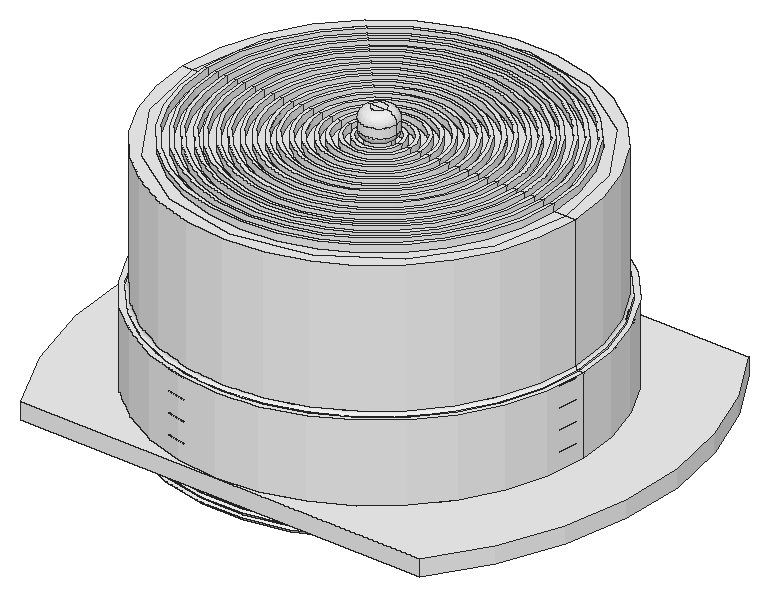
Revit family "50682_BEGA_Revit", category Lighting Fixtures, host Ceiling, Revit 2017
Family settings
  Host = Ceiling
  Round Connector Dimension = Use Diameter
  Part Type = Normal
  OmniClass Number = 23.80.70.11
  OmniClass Title = Luminaries for Internal Lighting
  Always vertical = Yes
  Cut with Voids When Loaded = No
  Light Source = Yes
  Shared = No
  Room Calculation Point = No
Parameters (values of type "STUDIO LINE - Recessed ceiling lumianires")
  Wattage = 8.33435 W
  built-in parameter 1150110 = 1 (stored number, unit not read)
  built-in parameter 1114217 = 1 (stored number, unit not read)
  Tilt Angle = 90.00°
  built-in parameter 1150109 = 1 (stored number, unit not read)
  built-in parameter 1150134 = 12
  built-in parameter 1150113 = 1 (stored number, unit not read)
  Photometric Web File = "50685.2K4_BEGA_IES.ies"
  Model = "50 685"
  Manufacturer = "BEGA North America"
  Lumens = 1238 lm
  built-in parameter 1150115 = 1 (stored number, unit not read)
  built-in parameter 1150105 = 98.517 (stored number, unit not read)
  built-in parameter 1150137 = (empty or 0)
  built-in parameter 1150139 = (empty or 0)
  built-in parameter 1150112 = 1 (stored number, unit not read)
  built-in parameter 1150114 = 1 (stored number, unit not read)
  built-in parameter 1150132 = 2
  built-in parameter 1150102 = (empty or 0)
  built-in parameter 1150138 = (empty or 0)
  built-in parameter 1150107 = 4000 (stored number, unit not read)
  built-in parameter 1150106 = 0.98517 (stored number, unit not read)
  built-in parameter 1150104 = 13.8 (stored number, unit not read)
  Dimming Lamp Color Temperature Shift = <None>
  Description = "STUDIO LINE - Recessed ceiling lumianires"
  Color Filter = 16777215
  built-in parameter 1114218 = 1 (stored number, unit not read)
  built-in parameter 1150133 = 10 (stored number, unit not read)
Types (3): name | Wattage | Photometric Web File | Lumens | built-in parameter 1150105 | built-in parameter 1150106 | Description
  (no name) | 8.33435 W | "50685.2K4_BEGA_IES.ies" | 1238 lm | 98.517 (stored number, unit not read) | 0.98517 (stored number, unit not read) | "STUDIO LINE - Recessed ceiling lumianires"
  Semi-Recessed ceiling luminaire | 23.2662 W | 0' - 0" | 3456 lm | 275.02 (stored number, unit not read) | 2.7502 (stored number, unit not read) | "Semi-Recessed ceiling luminaire"
  STUDIO LINE - Recessed ceiling lumianires | 8.33435 W | "50685.2K4_BEGA_IES.ies" | 1238 lm | 98.517 (stored number, unit not read) | 0.98517 (stored number, unit not read) | "STUDIO LINE - Recessed ceiling lumianires"
Reference planes (in)
  plane 1 "Light Source Axis (F/B)": y = 0
  plane 2 "Ceiling": z = 96
  plane 3 "Light Source Axis (L/R)": x = 0
  plane 4 "Light Source Elevation": z = 98.23115
Lines and regions (in)
  Opening 1
    outline origin (0, 0, 96) x (1, 0, 0) y (0, 1, 0)
      loop
        circle (0, 0) r 2.55166
Dimensions and locks (in)
  equal spacing: host sketch curve, plane 3 "Light Source Axis (L/R)", host sketch curve
  equal spacing: host sketch curve, plane 1 "Light Source Axis (F/B)", host sketch curve
  host sketch curve to host sketch curve = 10' - 0"  (x2)
  aligned and locked: plane 3 "Light Source Axis (L/R)" to imposter light
  aligned and locked: plane 1 "Light Source Axis (F/B)" to imposter light
  aligned and locked: plane 4 "Light Source Elevation" to imposter light
Nested families (in)
  nested 1: "50682" at (0, 0, 96), type "50682"
Definition of nested family "50682"
  Reference planes (in)
    plane 1 "Center (Front/Back)": y = 0
    plane 2: z = 0
    plane 3 "Center (Left/Right)": x = 0
  Forms (in)
    Revolve 1, solid
      sketch origin (0, 0, 0.14855) x (1, 0, 0) y (0, 0, 1)
        loop
          line (-2.57162, 3.22945) -> (-2.70298, 3.22945) -> (-2.70298, 1.4312)
          arc (-2.70298, 1.4312) -> (-2.71518, 1.4003) -> (-2.74521, 1.38609) r 0.04521
          line (-2.74521, 1.38609) -> (-2.74521, 1.28562)
          arc (-2.74521, 1.28562) -> (-2.69333, 1.23374) -> (-2.74521, 1.18186) r 0.05188
          line (-2.74521, 1.18186) -> (-2.74521, 1.11505) -> (-2.74521, 1.01458)
          arc (-2.74521, 1.01458) -> (-2.69333, 0.9627) -> (-2.74521, 0.91082) r 0.05188
          line (-2.74521, 0.91082) -> (-2.74521, 0.84401) -> (-2.74521, 0.74354)
          arc (-2.74521, 0.74354) -> (-2.69333, 0.69166) -> (-2.74521, 0.63978) r 0.05188
          line (-2.74521, 0.63978) -> (-2.74521, 0.57297) -> (-2.74521, 0.4725)
          arc (-2.74521, 0.4725) -> (-2.69333, 0.42062) -> (-2.74521, 0.36874) r 0.05188
          line (-2.74521, 0.36874) -> (-2.74521, 0.10592) -> (-2.71022, 0.05595) -> (-2.74521, 0.02096) -> (-2.71355, -0.0107) -> (-2.74521, -0.04237) -> (-2.71534, -0.07224) -> (-2.74521, -0.10211) -> (-2.7, -0.14732) -> (-2.65244, -0.14732) -> (-2.56442, 3.10445) -> (-2.414, 3.10445) -> (-2.414, 3.22945) -> (-2.57162, 3.22945)
        axis (0, -0.14732) -> (0, 3.22945)
      angle from 0 to 360
    Extrusion 2, solid
      sketch origin (0.27935, 0, 0) x (1, 0, 0) y (0, 1, 0)
        loop
          arc (-2.98985, 2.82944) -> (-3.76688, -0.0037) -> (-2.96333, -2.82943) r 5.46027
          line (-2.96333, -2.82943) -> (2.54317, -2.82943)
          arc (2.54317, -2.82943) -> (3.50397, 0) -> (2.54317, 2.82944) r 4.64657
          line (2.54317, 2.82944) -> (-2.98985, 2.82944)
      from 0.25448 to 0.47983
    Revolve 3, solid
      sketch origin (0.00129, 0, 0.12236) x (1, 0, 0) y (0, 0, 1)
        loop
          line (2.74493, 1.40864) -> (2.74493, 1.31194)
          arc (2.74493, 1.31194) -> (2.69258, 1.25958) -> (2.74493, 1.20722) r 0.05236
          line (2.74493, 1.20722) -> (2.74493, 1.04142)
          arc (2.74493, 1.04142) -> (2.69273, 0.98922) -> (2.74493, 0.93701) r 0.0522
          line (2.74493, 0.93701) -> (2.74493, 0.76908)
          arc (2.74493, 0.76908) -> (2.69354, 0.71769) -> (2.74493, 0.66629) r 0.05139
          line (2.74493, 0.66629) -> (2.74493, 0.49749)
          arc (2.74493, 0.49749) -> (2.69366, 0.44621) -> (2.74493, 0.39494) r 0.05128
          line (2.74493, 0.39494) -> (2.74493, 0.35747) -> (2.81791, 0.35747) -> (2.81791, 1.40864) -> (2.74493, 1.40864)
        axis (0, 1.40864) -> (0, 0.35747)
      angle from 0 to 360
    Extrusion 4, void
      sketch origin (0, 0, 0) x (1, 0, 0) y (0, 1, 0)
        loop
          circle (0, 0) r 2.37212
      from 0 to 0.56247
    Revolve 5, solid
      sketch origin (0, 0, 0) x (1, 0, 0) y (0, 0, 1)
        loop
          line (2.40911, 3.253) -> (2.40911, 3.469) -> (2.36088, 3.469) -> (2.36088, 3.371) -> (2.26641, 3.371) -> (2.26641, 3.469) -> (2.2231, 3.469) -> (2.2231, 3.371) -> (2.14175, 3.371) -> (2.14175, 3.469) -> (2.09604, 3.469) -> (2.09604, 3.371) -> (2.00156, 3.371) -> (2.00156, 3.469) -> (1.95826, 3.469) -> (1.95826, 3.371) -> (1.8996, 3.371) -> (1.8996, 3.469) -> (1.85389, 3.469) -> (1.85389, 3.371) -> (1.75941, 3.371) -> (1.75941, 3.469) -> (1.71611, 3.469) -> (1.71611, 3.371) -> (1.63476, 3.371) -> (1.63476, 3.469) -> (1.58905, 3.469) -> (1.58905, 3.371) -> (1.49457, 3.371) -> (1.49457, 3.469) -> (1.45127, 3.469) -> (1.45127, 3.371) -> (1.36991, 3.371) -> (1.36991, 3.469) -> (1.32421, 3.469) -> (1.32421, 3.371) -> (1.22973, 3.371) -> (1.22973, 3.469) -> (1.18643, 3.469) -> (1.18643, 3.371) -> (1.10507, 3.371) -> (1.10507, 3.469) -> (1.05937, 3.469) -> (1.05937, 3.371) -> (0.96489, 3.371) -> (0.96489, 3.469) -> (0.92159, 3.469) -> (0.92159, 3.371) -> (0.84023, 3.371) -> (0.84023, 3.469) -> (0.79453, 3.469) -> (0.79453, 3.371) -> (0.70005, 3.371) -> (0.70005, 3.469) -> (0.65675, 3.469) -> (0.65675, 3.371) -> (0.57539, 3.371) -> (0.57539, 3.469) -> (0.52968, 3.469) -> (0.52968, 3.371) -> (0.43521, 3.371) -> (0.43521, 3.469) -> (0.3919, 3.469) -> (0.3919, 3.371) -> (0.31055, 3.371) -> (0.31055, 3.469) -> (0.26484, 3.469) -> (0.26484, 3.371) -> (0.17036, 3.371) -> (0.17036, 3.47016)
          arc (0.17036, 3.47016) -> (0.21859, 3.50433) -> (0.23708, 3.56047) r 0.09448
          line (0.23708, 3.56047) -> (0.23708, 3.68522)
          arc (0.23708, 3.68522) -> (0.19672, 3.78265) -> (0.0993, 3.823) r 0.13778
          line (0.0993, 3.823) -> (0, 3.823) -> (0, 3.73437)
          arc (0, 3.73437) -> (0.09966, 3.63471) -> (0, 3.53505) r 0.09966
          line (0, 3.53505) -> (0, 3.1905) -> (2.49756, 3.1905) -> (2.59177, 0.00191) -> (2.65272, 0.00191) -> (2.55667, 3.253) -> (2.40911, 3.253)
        axis (0, 3.823) -> (0, 0.00191)
      angle from 0 to 360
    Revolve 6, solid
      sketch origin (0, 0, 0.65397) x (1, 0, 0) y (0, 0, 1)
        loop
          arc (0, 1.57753) -> (0.25145, 1.65902) -> (0.40728, 1.87253) r 0.42864
          arc (0.40728, 1.87253) -> (1.26194, 1.40186) -> (1.96231, 0.72255) r 3.66843
          line (1.96231, 0.72255) -> (2.01355, 0.72255) -> (2.06251, 0.58804) -> (2.09122, 0.59907) -> (2.03682, 0.74381) -> (1.98534, 0.74381)
          arc (1.98534, 0.74381) -> (1.25299, 1.44716) -> (0.35701, 1.92491) r 3.69968
          arc (0.35701, 1.92491) -> (0.22837, 1.71998) -> (0, 1.64003) r 0.36614
          line (0, 1.64003) -> (0, 1.57753)
        axis (0, 1.92491) -> (0, 0.58804)
      angle from 0 to 360
    Revolve 7, solid
      sketch origin (0, 0, 3.522) x (1, 0, 0) y (0, 0, 1)
        loop
          line (2.01353, -2.14544) -> (1.94322, -2.14544) -> (2.433, -3.50548) -> (2.50332, -3.50548) -> (2.01353, -2.14544)
        axis (0, -2.14544) -> (0, -3.50548)
      angle from 0 to 360
    Revolve 8, solid
      sketch origin (-0.00196, 0, 3.40795) x (1, 0, 0) y (0, 0, 1)
        loop
          line (2.41512, -3.36024) -> (2.37017, -3.36024) -> (2.37017, -3.40795) -> (2.5497, -3.40795) -> (2.5497, -3.35154) -> (2.5079, -3.35154) -> (2.5079, -3.3915) -> (2.41512, -3.3915) -> (2.41512, -3.36024)
        axis (0, -3.35154) -> (0, -3.40795)
      angle from 0 to 360
  Cuts and joins
    Extrusion 4 cuts Extrusion 2
    Extrusion 4 cuts Revolve 3
    joined: Extrusion 2, Revolve 3
    Extrusion 4 cuts Revolve 1
  Dimensions and locks (in)
    aligned and locked: plane 2 to level
